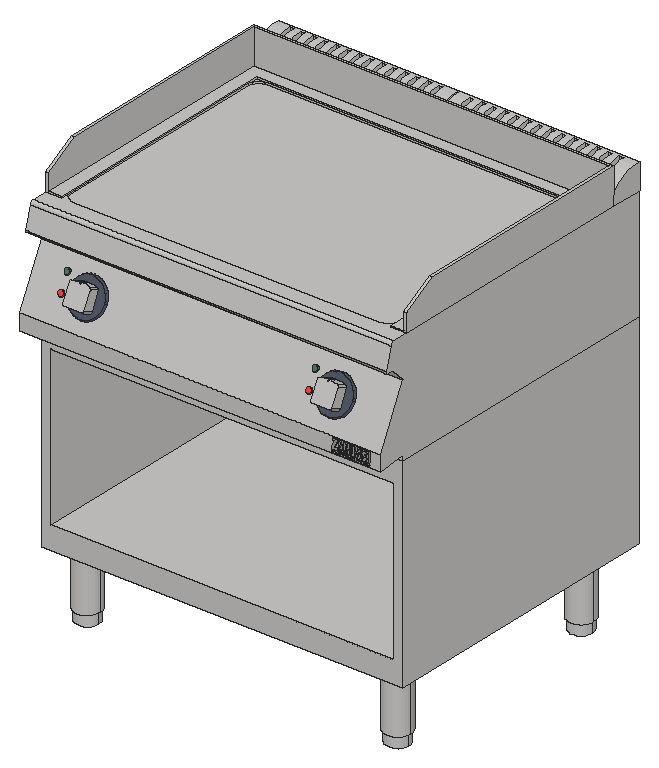
Revit family "QF_ZANUSSI_372324_Z7IIKABLMEA", category Specialty Equipment, Revit 2018 (continued)
Definition of nested family "ZAN_Logo_S_Grey_Professional"
  Forms (mm)
    Extrusion 2, solid, material <- "Materiale"
      sketch origin (17.793, -46.218, 0) x (-1, 0, 0) y (0, -1, 0)
        loop
          spline (-5.422, -40.934) -> (-5.367, -40.392) -> (-5.333, -39.839) -> (-5.323, -39.279) -> (-5.342, -38.719) -> (-5.395, -38.162) -> (-5.485, -37.613) -> (-5.616, -37.077) -> (-5.795, -36.559) -> (-6.024, -36.064) -> (-6.308, -35.597) -> (-6.651, -35.162) -> (-7.059, -34.764)
          spline (-7.059, -34.764) -> (-7.58, -34.383) -> (-8.132, -34.06) -> (-8.711, -33.794) -> (-9.311, -33.584) -> (-9.927, -33.43) -> (-10.553, -33.331) -> (-11.184, -33.288) -> (-11.816, -33.299) -> (-12.442, -33.365) -> (-13.057, -33.484) -> (-13.657, -33.657) -> (-14.236, -33.882)
          spline (-14.236, -33.882) -> (-14.49, -33.99) -> (-14.747, -34.121) -> (-15.006, -34.276) -> (-15.262, -34.451) -> (-15.515, -34.646) -> (-15.763, -34.858) -> (-16.003, -35.086) -> (-16.232, -35.328) -> (-16.45, -35.582) -> (-16.653, -35.847) -> (-16.839, -36.12) -> (-17.007, -36.401)
          spline (-17.007, -36.401) -> (-17.229, -37.006) -> (-17.395, -37.624) -> (-17.502, -38.25) -> (-17.552, -38.882) -> (-17.544, -39.515) -> (-17.479, -40.147) -> (-17.355, -40.773) -> (-17.174, -41.391) -> (-16.936, -41.996) -> (-16.639, -42.586) -> (-16.285, -43.157) -> (-15.873, -43.704)
          line (-15.873, -43.704) -> (-10.584, -48.489) -> (-9.955, -50.126) -> (-10.459, -51.386) -> (-11.592, -51.638) -> (-12.851, -50.756) -> (-12.977, -48.238) -> (-17.258, -48.112)
          spline (-17.258, -48.112) -> (-17.236, -48.492) -> (-17.23, -48.875) -> (-17.233, -49.261) -> (-17.24, -49.646) -> (-17.245, -50.03) -> (-17.243, -50.41) -> (-17.227, -50.785) -> (-17.193, -51.152) -> (-17.134, -51.512) -> (-17.046, -51.86) -> (-16.921, -52.196) -> (-16.755, -52.519)
        loop
          line (-18.014, -33.378) -> (-22.421, -33.378) -> (-22.421, -54.911) -> (-18.014, -54.911) -> (-18.014, -33.378)
        loop
          line (14.852, -38.541) -> (14.852, -54.911) -> (19.259, -54.911) -> (19.259, -40.43) -> (19.008, -36.904) -> (18.63, -36.023) -> (17.748, -34.89) -> (16.867, -34.26) -> (15.104, -33.504) -> (14.223, -33.378) -> (12.208, -33.378) -> (11.2, -33.63) -> (9.689, -34.512) -> (7.926, -37.03) -> (7.8, -37.912) -> (7.8, -54.911) -> (12.208, -54.911) -> (12.208, -38.919) -> (12.711, -37.786) -> (14.097, -37.66) -> (14.852, -38.541)
        loop
          line (20.267, -54.911) -> (24.296, -54.911) -> (24.296, -41.186) -> (27.948, -54.911) -> (32.607, -54.911) -> (32.607, -33.378) -> (28.704, -33.378) -> (28.704, -47.608) -> (25.052, -33.378) -> (20.267, -33.378) -> (20.267, -54.911)
        loop
          line (47.089, -54.911) -> (58.044, -54.911) -> (58.044, -50.882) -> (52.251, -51.008) -> (58.548, -37.786) -> (58.548, -33.378) -> (47.089, -33.378) -> (47.089, -37.786) -> (53.698, -37.786) -> (47.089, -51.26) -> (47.089, -54.911)
        loop
          line (36.889, -54.911) -> (42.933, -54.911) -> (46.837, -33.378) -> (42.303, -33.378) -> (41.674, -37.534) -> (38.022, -37.534) -> (37.392, -33.378) -> (32.859, -33.378) -> (36.889, -54.911)
        loop
          line (41.17, -41.438) -> (38.652, -41.438) -> (39.911, -51.231) -> (41.17, -41.438)
        loop
          line (57.627, -27.599) -> (56.511, -27.599)
          arc (56.511, -27.599) -> (55.334, -29.219) -> (56.822, -30.559) r 1.496
          line (56.822, -30.559) -> (58.548, -30.559) -> (58.548, -26.082) -> (57.627, -26.082) -> (57.627, -27.599)
        loop
          line (57.627, -29.713) -> (57.627, -28.464) -> (56.699, -28.464)
          arc (56.699, -28.464) -> (56.24, -29.089) -> (56.699, -29.713) r 0.654
          line (56.699, -29.713) -> (57.627, -29.713)
        loop
          line (50.633, -27.625) -> (49.682, -27.625) -> (48.755, -26.082) -> (47.711, -26.082) -> (48.871, -27.993)
          arc (48.871, -27.993) -> (48.433, -29.601) -> (49.798, -30.559) r 1.45
          line (49.798, -30.559) -> (51.553, -30.559) -> (51.553, -26.082) -> (50.633, -26.082) -> (50.633, -27.625)
        loop
          line (50.633, -29.713) -> (50.633, -28.464) -> (49.705, -28.464)
          arc (49.705, -28.464) -> (49.245, -29.089) -> (49.705, -29.713) r 0.654
          line (49.705, -29.713) -> (50.633, -29.713)
        loop
          line (36.111, -26.082) -> (35.19, -26.082) -> (35.19, -27.797) -> (33.505, -27.797) -> (33.505, -28.718) -> (35.19, -28.718) -> (35.19, -29.639) -> (33.344, -29.639) -> (33.344, -30.559) -> (36.111, -30.559) -> (36.111, -26.082)
        loop
          line (29.546, -26.082) -> (26.666, -26.082) -> (26.666, -27.002) -> (28.626, -27.002) -> (28.626, -27.797) -> (26.835, -27.797) -> (26.835, -28.718) -> (28.626, -28.718) -> (28.626, -29.639) -> (26.71, -29.639) -> (26.71, -30.559) -> (29.546, -30.559) -> (29.546, -26.082)
        loop
          line (9.21, -26.082) -> (8.289, -26.082) -> (8.289, -30.559) -> (9.21, -30.559) -> (9.21, -26.082)
        loop
          line (-5.024, -26.082) -> (-5.024, -28.898) -> (-7.072, -26.082) -> (-7.993, -26.082) -> (-7.993, -30.559) -> (-7.037, -30.559) -> (-7.037, -27.659) -> (-4.989, -30.559) -> (-4.069, -30.559) -> (-4.069, -26.082) -> (-5.024, -26.082)
        loop
          line (-11.621, -26.082) -> (-12.61, -26.082) -> (-13.045, -27.048) -> (-14.702, -27.048) -> (-15.137, -26.082) -> (-16.125, -26.082) -> (-14.375, -30.558) -> (-13.454, -30.558) -> (-11.621, -26.082)
        loop
          line (-19.779, -26.082) -> (-22.421, -26.082) -> (-22.421, -27.002) -> (-20.7, -27.002) -> (-20.7, -30.559) -> (-19.779, -30.559) -> (-19.779, -26.082)
        loop
          line (-13.875, -29.102) -> (-13.395, -27.931) -> (-14.333, -27.931) -> (-13.875, -29.102)
        loop
          circle (2.094, -28.293) r 1.482
        loop
          circle (2.094, -28.293) r 2.376
        loop
          arc (16.413, -27.085) -> (15.386, -26.141) -> (13.991, -26.107) r 1.985
          arc (13.991, -26.107) -> (13.047, -26.998) -> (13.375, -28.254) r 1.274
          arc (13.375, -28.254) -> (14.04, -28.662) -> (14.749, -28.985) r 6.355
          arc (14.749, -28.985) -> (15.14, -29.579) -> (14.494, -29.876) r 0.469
          arc (14.494, -29.876) -> (14.107, -29.64) -> (13.784, -29.321) r 1.958
          line (13.784, -29.321) -> (12.995, -29.795)
          arc (12.995, -29.795) -> (13.493, -30.326) -> (14.109, -30.712) r 2.834
          arc (14.109, -30.712) -> (16.031, -29.813) -> (14.826, -28.067) r 1.389
          spline (14.826, -28.067) -> (14.485, -27.906) -> (14.237, -27.756) -> (14.069, -27.617) -> (13.971, -27.49) -> (13.931, -27.375) -> (13.937, -27.273) -> (13.977, -27.185) -> (14.041, -27.112) -> (14.116, -27.053) -> (14.191, -27.011) -> (14.254, -26.985) -> (14.293, -26.976)
          arc (14.293, -26.976) -> (15.035, -26.992) -> (15.586, -27.489) r 1.064
          line (15.586, -27.489) -> (16.413, -27.085)
        loop
          arc (23.156, -27.085) -> (22.129, -26.141) -> (20.734, -26.107) r 1.985
          arc (20.734, -26.107) -> (19.79, -26.998) -> (20.118, -28.254) r 1.274
          arc (20.118, -28.254) -> (20.783, -28.662) -> (21.492, -28.985) r 6.355
          arc (21.492, -28.985) -> (21.883, -29.579) -> (21.237, -29.876) r 0.469
          arc (21.237, -29.876) -> (20.849, -29.64) -> (20.527, -29.321) r 1.958
          line (20.527, -29.321) -> (19.738, -29.795)
          arc (19.738, -29.795) -> (20.236, -30.326) -> (20.852, -30.712) r 2.834
          arc (20.852, -30.712) -> (22.774, -29.813) -> (21.568, -28.067) r 1.389
          spline (21.568, -28.067) -> (21.228, -27.906) -> (20.979, -27.756) -> (20.812, -27.617) -> (20.714, -27.49) -> (20.674, -27.375) -> (20.68, -27.273) -> (20.72, -27.185) -> (20.784, -27.112) -> (20.859, -27.053) -> (20.933, -27.011) -> (20.996, -26.985) -> (21.036, -26.976)
          arc (21.036, -26.976) -> (21.778, -26.992) -> (22.329, -27.489) r 1.064
          line (22.329, -27.489) -> (23.156, -27.085)
        loop
          circle (42.369, -28.293) r 1.482
        loop
          circle (42.369, -28.293) r 2.376
      from 0 to 1.644
  Dimensions and locks
    aligned and locked: plane 2 to Extrusion 1
    aligned and locked: level to Extrusion 1
